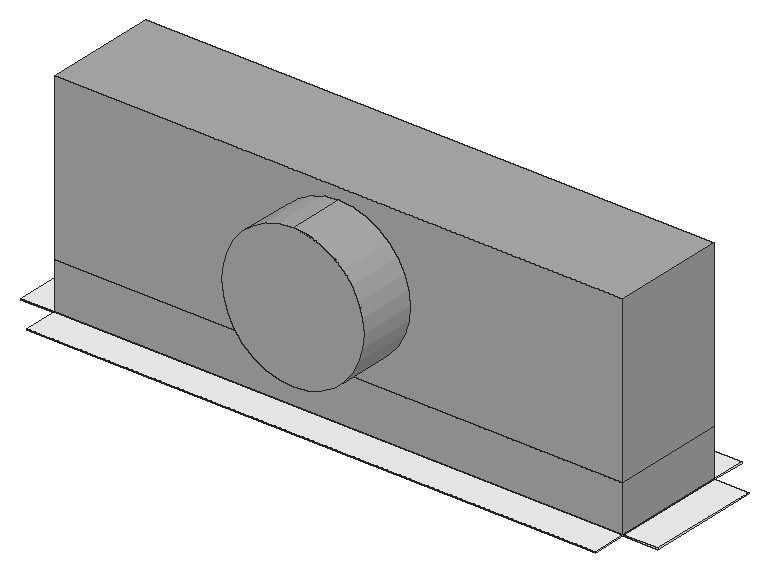
Revit family "Оптимум с адаптером (1 Подключение) Вытяжка", category Арматура воздуховодов, Revit 2022
Family settings
  Размер круглого соединителя = Использовать диаметр
  Тип детали = Вставляется
  На основе рабочей плоскости = Нет
  Всегда вертикально = Да
  При загрузке вырезать с полостями = Нет
  Общий = Нет
Parameters (values of type "Оптимум с адаптером")
  Ширина щели решетки [instance] = 10 mm
  Ширина решетки [instance] = 100 mm
  УГО приток = no
  УГО вытяжка = yes
  Скорость воздуха [instance] = ADSK_Расход воздуха / Площадь сечения решетки  # 0.0 m/s
  Площадь сечения решетки [instance] = Длина решетки * Ширина решетки - ((Длина решетки - 2 * Ширина щели решетки) * (Ширина решетки - 2 * Ширина щели решетки))  # 0.0116 m²
  Патрубок не по центру [instance] = no
  Патрубки_Сверху [instance] = no
  Отступ патрубка [instance] = 400 mm
  Отступ губ [instance] = if(Г_обр адаптер, 0 mm, (ADSK_Размер_Ширина - Ширина решетки) / 2)  # 0 mm
  ОтстПат [instance] = if(Патрубок не по центру, if(Отступ патрубка > (Длина решетки - 10 mm - Патрубки_Диаметр / 2), (Длина решетки - 10 mm - Патрубки_Диаметр / 2), if(Отступ патрубка < (10 mm + Патрубки_Диаметр / 2), (10 mm + Патрубки_Диаметр / 2), Отступ патрубка)), Длина решетки / 2)  # 250 mm
  Отметка по умолчанию = 0 mm
  Наименование решетки [instance] = "Вентиляционная решетка SCHIBERG ОПТИМУМ"  # constant formula
  Метка [instance] = ""
  Материал КСД = ADSK_Сталь оцинкованная
  Марка решетки [instance] = size_lookup("Мини", "M", "НЕ НАЙДЕН ТИПОРАЗМЕР", ADSK_Размер_Длина, Ширина решетки, Ширина щели решетки)  # "500x100-10"
  Количество патрубков [instance] = 1  # constant formula
  КСД_Угол [instance] = if(Патрубки_Сверху, 100.00°, 10.00°)  # 10.00°
  Патрубки_Длина = 50 mm
  КСД_Отступ [instance] = if(Патрубки_Сверху, 0.5 * ADSK_Размер_Высота, ADSK_Размер_Ширина / 2)  # 50 mm
  Патрубки_Диаметр [instance] = 125 mm
  Длина решетки [instance] = 500 mm
  Г_обр адаптер [instance] = no
  H [instance] = Высота губ + 2 mm  # 42 mm
  Высота губ [instance] = 40 mm
  ADSK_Расход воздуха [instance] = 0 m³/h
  ADSK_Размер_Ширина [instance] = if(Патрубки_Сверху, if(Патрубки_Диаметр = 75 mm, if(Патрубки_Диаметр + 25 mm > Ширина решетки, Патрубки_Диаметр + 25 mm, Ширина решетки), if(Патрубки_Диаметр = 90 mm, if(Патрубки_Диаметр + 30 mm > Ширина решетки, Патрубки_Диаметр + 30 mm, Ширина решетки), if(Патрубки_Диаметр + 20 mm > Ширина решетки, Патрубки_Диаметр + 20 mm, Ширина решетки))), Ширина решетки)  # 100 mm
  ADSK_Размер_Длина [instance] = Длина решетки  # 500 mm
  ADSK_Размер_Высота [instance] = if(Патрубки_Диаметр = 75 mm, Патрубки_Диаметр + 25 mm, if(Патрубки_Диаметр = 90 mm, Патрубки_Диаметр + 30 mm, Патрубки_Диаметр + 20 mm))  # 145 mm
  ADSK_Примечание [instance] = if(Высота губ = 40 mm, "", "Не типовая высота губ")  # ""
  ADSK_Потеря давления воздуха [instance] = 0.0 Pa
  ADSK_Позиция_Сортировка [instance] = 0
  ADSK_Позиция_Комплект [instance] = 0
  ADSK_Наименование краткое = "Адаптер с решеткой SCHIBERG"  # constant formula
  ADSK_Наименование [instance] = if(ADSK_Размер_Ширина = Ширина решетки, "Адаптер П-образный под решетку SCHIBERG", if(Г_обр адаптер, "Адаптер Г-образный под решетку SCHIBERG", "Адаптер Т-образный под решетку SCHIBERG"))  # "Адаптер П-образный под решетку SCHIBERG"
  ADSK_Материал = RGB_RAL 9003 (Белый сигнальный)
  ADSK_Марка [instance] = size_lookup("КСД для прямоугольных", "", "НЕ НАЙДЕН ТИПОРАЗМЕР", ADSK_Размер_Длина, Ширина решетки, Количество патрубков, Патрубки_Диаметр, КСД_Угол)  # "500х100 (сверху 1х125)"
  ADSK_Количество = 1  # constant formula
  ADSK_Код изделия = ""
  ADSK_Завод-изготовитель = "SCHIBERG"  # constant formula
  ADSK_Единица измерения = "шт."  # constant formula
  ADSK_Группирование [instance] = ""
  75+ [instance] = not([75])  # yes
  75 [instance] = or(Патрубки_Диаметр = 75 mm, Патрубки_Диаметр = 90 mm)  # no
Reference planes
  plane 1 "По центру (Вперед/Назад)": y = 0
  plane 2: z = 0
  plane 3 "По центру (Влево/Вправо)": x = 0
  plane 4: z = 42
  plane 5: y = 50
  plane 6: y = -50
  plane 7: x = -250
  plane 8: x = 250
  plane 9: z = 187
  plane 10: y = -50
  plane 11 "Патрубки": z = 114.5
  plane 12: x = 0
  plane 13: y = 50
  plane 14: y = 0
  plane 15: x = 0
Forms (mm)
  Extrusion 1, solid, material "ADSK_Сталь оцинкованная" <- "Материал КСД", detail levels medium+fine
    sketch origin (0, 0, 0) x (0, 1, 0) y (0, 0, 1)
      loop
        line (50, 42) -> (-50, 42) -> (-50, 1) -> (50, 1) -> (50, 42)
    from -250 to 250
  Extrusion 2, solid, material "ADSK_Сталь оцинкованная" <- "Материал КСД", detail levels medium+fine
    sketch origin (0, 0, 0) x (0, 1, 0) y (0, 0, 1)
      loop
        line (50, 187) -> (-50, 187) -> (-50, 42) -> (50, 42) -> (50, 187)
    from -250 to 250
Lines and regions (mm)
  symbolic lines, detail levels coarse+medium
    curve 1: line (-250, 108.5, 0) -> (250, 108.5, 0)
    curve 2: line (-250, -50, 0) -> (-250, 108.5, 0)
    curve 3: line (250, -50, 0) -> (-250, -50, 0)
    curve 4: line (250, 108.5, 0) -> (250, -50, 0)
  model lines, visible <- "УГО приток"
    curve 5: line (-200, 0, -69.985) -> (200, 0, -69.985)
    curve 6: line (-200, 0, -69.985) -> (0, 0, -185.455)
    curve 7: line (0, 0, -185.455) -> (200, 0, -69.985)
  model lines, visible <- "УГО вытяжка"
    curve 8: line (-200, 0, -185.455) -> (200, 0, -185.455)
    curve 9: line (0, 0, -69.985) -> (200, 0, -185.455)
    curve 10: line (0, 0, -69.985) -> (-200, 0, -185.455)
Dimensions and locks
  "H": plane 4 to level
  "Ширина решетки": plane 5 to plane 6
  equal spacing: plane 7, plane 3 "По центру (Влево/Вправо)", plane 8
  "ADSK_Размер_Длина": plane 7 to plane 8
  "ADSK_Размер_Высота": plane 9 to plane 4
  equal spacing: plane 9, plane 11 "Патрубки", plane 4
  "ADSK_Размер_Ширина": plane 13 to plane 10
  equal spacing: curve 5, plane 3 "По центру (Влево/Вправо)", curve 5
  locked: curve 5 to curve 5 at 400
  equal spacing: plane 13, plane 1 "По центру (Вперед/Назад)", plane 10
  "Отступ губ": plane 13 to plane 5
  locked: plane 2 to curve 5 at 69.985
  locked: level to curve 8 at 185.455
  equal spacing: curve 9, plane 3 "По центру (Влево/Вправо)", curve 10
  equal spacing: plane 5, plane 14, plane 6
  "ОтстПат": plane 7 to plane 15
  locked: curve 5 to curve 7 (angle 30.00°)
  locked: curve 6 to curve 5 (angle 30.00°)
  locked: curve 8 to curve 10 (angle 30.00°)
  locked: curve 9 to curve 8 (angle 30.00°)
  aligned and locked: level to plane 2
  aligned and locked: plane 4 to Extrusion 1 sketch curve
  aligned and locked: Extrusion 1 sketch curve to plane 5
  aligned and locked: Extrusion 1 sketch curve to plane 6
  aligned and locked: Extrusion 1 to plane 7
  aligned and locked: plane 8 to Extrusion 1
  aligned and locked: plane 10 to Extrusion 2 sketch curve
  aligned and locked: Extrusion 2 sketch curve to plane 9
  aligned and locked: Extrusion 2 sketch curve to plane 4
  aligned and locked: plane 8 to Extrusion 2
  aligned and locked: Extrusion 2 to plane 7
  aligned and locked: plane 11 "Патрубки" to nested 1
  aligned and locked: plane 7 to curve 2
  aligned and locked: curve 4 to plane 8
  aligned and locked: plane 10 to curve 3
  aligned and locked: Extrusion 2 to plane 13
  aligned and locked: plane 1 "По центру (Вперед/Назад)" to nested 1
  aligned and locked: plane 3 "По центру (Влево/Вправо)" to nested 2
  aligned and locked: nested 2 to level
  aligned and locked: nested 2 to plane 14
  aligned and locked: nested 1 to plane 15
Automatic sketch dimensions
  curve 1 to plane 5 = 58.5 mm
  Extrusion 1 sketch curve to plane 6 = 0 mm
  Extrusion 2 sketch curve to plane 5 = 0 mm
  level to Extrusion 1 sketch curve = 1 mm
Nested families
  nested 1: "Патрубки" at (0, 0, 114.5) x (0, -1, 0) z (0, 0, 1), ADSK_Материал <- "Материал КСД", D <- "Патрубки_Диаметр", L <- "Патрубки_Длина", S <- "КСД_Отступ", Угол <- "КСД_Угол", Видимость 1 <- "75+", Видимость 2 <- "75", type "Патрубки"
    with Угол 10.00°, Видимость 2 no, Видимость 1 yes, S 50 mm, L 50 mm, D 125 mm, ADSK_Материал ADSK_Сталь оцинкованная, ADSK_Количество 1
  nested 2: "Прямоугольная решетка" at (0, 0, 0) x (1, 0, 0) z (0, -1, 0), ADSK_Расход воздуха <- "ADSK_Расход воздуха", Скорость воздуха <- "Скорость воздуха", ADSK_Марка <- "Марка решетки", ADSK_Наименование <- "Наименование решетки", ADSK_Размер_Длина <- "Длина решетки", ADSK_Размер_Ширина <- "Ширина решетки", Ширина щели <- "Ширина щели решетки", Материал отделки <- "ADSK_Материал", ADSK_Обозначение <- "Метка", type "Решетка Schiberg"
    with Ширина щели 10 mm, Скорость воздуха 0.0 m/s, Материал отделки RGB_RAL 9003 (Белый сигнальный), ADSK_Расход воздуха 0 m³/h, ADSK_Размер_Ширина 100 mm, ADSK_Размер_Длина 500 mm, ADSK_Позиция "", ADSK_Обозначение "", ADSK_Наименование краткое "", ADSK_Наименование "Вентиляционная решетка SCHIBERG ОПТИМУМ", ADSK_Марка "500x100-10"
Connectors
  hvac at (0, -100, 114.5), driven by "Патрубки_Диаметр", driven by "ADSK_Расход воздуха", driven by "ADSK_Потеря давления воздуха"
    settings: on nested 1, index 1, duct flow 0 m³/h, flow factor 0, pres drop 0.0 Pa, loss coef 0, conn angle 0.00°, conn width 304.8 mm, conn height 304.8 mm, conn diameter 125 mm, duct sys type 3, conn prof type 0, flow config 1, flow direction 2, loss method 0, conn ref index -1, conn util no, is conn primary yes, conn desc ""
Definition of nested family "Патрубки"
  Parameters (values of type "Патрубки")
    Угол [instance] = 30.00°
    Default Elevation = 0 mm
    Видимость 2 [instance] = no
    Видимость 1 [instance] = yes
    S [instance] = 70 mm
    L [instance] = 50 mm
    D [instance] = 100 mm
    ADSK_Наименование = "Врезка в адаптер"
    ADSK_Материал [instance] = none
    ADSK_Количество [instance] = if(Видимость 1, 1, 0)  # 1
    ADSK_Единица измерения = "шт."  # constant formula
  Reference planes
    plane 1 "По центру (Вперед/Назад)": y = 0
    plane 2: z = 0
    plane 3 "По центру (Влево/Вправо)": x = 0
  Forms (mm)
    Sweep 1, solid, material <- "ADSK_Материал", visible <- "Видимость 1"
      path in 3D
        loop
          line (65.778, 0, 23.941) -> (112.763, 0, 41.042)
      profile origin (89.271, 0, 32.492) x (-0.34202, 0, 0.939693) y (0, -1, 0)
        loop
          circle (0, 0) r 50
  Lines and regions (mm)
    reference lines
      curve 1: line (0, 0, 0) -> (14.772, 0, -2.605)
      curve 2: line (0, 0, 0) -> (65.778, 0, 23.941)
      curve 3: line (65.778, 0, 23.941) -> (112.763, 0, 41.042)
    sketch lines
      curve 4: line (65.778, 0, 23.941) -> (112.763, 0, 41.042)
    model lines, detail levels coarse
      curve 5: line (0, 0, 0) -> (65.778, 0, 23.941)
      curve 6: line (65.778, 0, 23.941) -> (112.763, 0, 41.042)
  Dimensions and locks
    "S": curve 2 to curve 2
    "L": curve 3 to curve 3
    "S": curve 5 to curve 5
    "L": curve 6 to curve 6
    "D": diameter of Sweep 1 sketch curve
    locked: curve 1 to level (angle 10.00°)
    "Угол": angle curve 1 to curve 2
    "Угол": angle curve 1 to curve 3
    "Угол": angle curve 1 to curve 5
    "Угол": angle curve 1 to curve 6
    "Угол": angle curve 1 to nested 1
    aligned and locked: level to plane 2
    aligned and locked: plane 3 "По центру (Влево/Вправо)" to curve 1
    aligned and locked: level to curve 1
    aligned and locked: plane 3 "По центру (Влево/Вправо)" to curve 2
    aligned and locked: level to curve 2
    aligned and locked: plane 3 "По центру (Влево/Вправо)" to curve 5
    aligned and locked: level to curve 5
    aligned and locked: nested 1 to Sweep 1
  Automatic sketch dimensions
    Sweep 1 sketch curve to profile plane = 0 mm
    profile plane to Sweep 1 sketch curve = 0 mm
  Nested families
    nested 1: "Фланец DN75" at (54.032, 0, 19.666) x (0, 1, 0) z (0.342, 0, -0.9397), visible <- "Видимость 2", Типоразмер <- "D", type "Default 2"
      with Типоразмер 100 mm, Длина 75 mm, Двн врезки 35 mm, r3 100 mm, r2 40 mm, r1 35 mm, D90 no, D75 no, ADSK_Техническая характеристика "Ø75", ADSK_Марка "", ADSK_Количество 1, ADSK_Код изделия "", ADSK_Единица измерения "шт."
  Definition of nested family "Фланец DN75"
    Parameters (values of type "Фланец")
      б = 3.5 mm  # constant formula
      Толщина стенки = 1 mm  # constant formula
      Типоразмер [instance] = 75 mm
      Default Elevation = 0 mm
      Длина [instance] = 75 mm  # constant formula
      Двн врезки [instance] = if(D90, 45 mm, 35 mm)  # 35 mm
      Глубина врезки = 13.5 mm  # constant formula
      r3 [instance] = 100 mm  # constant formula
      r2 [instance] = Двн врезки + 5 mm  # 40 mm
      r1 [instance] = Двн врезки  # 35 mm
      D90 [instance] = if(Типоразмер = 90 mm, 1 = 1, 1 = 0)  # no
      D75 [instance] = if(Типоразмер = 75 mm, 1 = 1, 1 = 0)  # yes
      ADSK_Техническая характеристика [instance] = if(D90, "Ø90", "Ø75")  # "Ø75"
      ADSK_Наименование = "Фланец"  # constant formula
      ADSK_Марка [instance] = ""
      ADSK_Количество [instance] = 1  # constant formula
      ADSK_Код изделия [instance] = ""
      ADSK_Завод-изготовитель = "SCHIBERG"  # constant formula
      ADSK_Единица измерения [instance] = "шт."  # constant formula
    Reference planes
      plane 1 "По центру (Вперед/Назад)": y = 0
      plane 2: z = 0
      plane 3 "По центру (Влево/Вправо)": x = 0
      plane 4: x = -35
      plane 5: x = -38.5
      plane 6: y = -75
      plane 7: y = -13.5
    Forms (mm)
      Extrusion 1, solid
        sketch origin (0, 0, 0) x (1, 0, 0) y (0, 1, 0)
          loop
            line (1.764, -7.5) -> (24.182, -7.5)
            arc (24.182, -7.5) -> (24.76, -7.26) -> (25, -6.682) r 0.818
            line (25, -6.682) -> (25, -4.498)
            arc (25, -4.498) -> (24.923, -4.111) -> (24.704, -3.783) r 1.012
            line (24.704, -3.783) -> (21.251, -0.33)
            arc (21.251, -0.33) -> (20.885, -0.086) -> (20.454, 0) r 1.127
            line (20.454, 0) -> (-14.395, 0)
            arc (-14.395, 0) -> (-14.797, -0.08) -> (-15.139, -0.308) r 1.052
            line (-15.139, -0.308) -> (-24.68, -9.849)
            arc (-24.68, -9.849) -> (-24.917, -10.204) -> (-25, -10.623) r 1.094
            line (-25, -10.623) -> (-25, -12.137) -> (-22.993, -12.137) -> (-22.993, -11.028) -> (-2.639, -11.028)
            arc (-2.639, -11.028) -> (-2.23, -10.947) -> (-1.884, -10.715) r 1.068
            line (-1.884, -10.715) -> (1.026, -7.806)
            arc (1.026, -7.806) -> (1.365, -7.58) -> (1.764, -7.5) r 1.045
        from 20 to 70
      Extrusion 2, solid
        sketch origin (0, 0, 0) x (-0.5, 0, -0.866025) y (0, 1, 0)
          loop
            line (1.764, -7.5) -> (24.182, -7.5)
            arc (24.182, -7.5) -> (24.76, -7.26) -> (25, -6.682) r 0.818
            line (25, -6.682) -> (25, -4.498)
            arc (25, -4.498) -> (24.923, -4.111) -> (24.704, -3.783) r 1.012
            line (24.704, -3.783) -> (21.251, -0.33)
            arc (21.251, -0.33) -> (20.885, -0.086) -> (20.454, 0) r 1.127
            line (20.454, 0) -> (-14.395, 0)
            arc (-14.395, 0) -> (-14.797, -0.08) -> (-15.139, -0.308) r 1.052
            line (-15.139, -0.308) -> (-24.68, -9.849)
            arc (-24.68, -9.849) -> (-24.917, -10.204) -> (-25, -10.623) r 1.094
            line (-25, -10.623) -> (-25, -12.137) -> (-22.993, -12.137) -> (-22.993, -11.028) -> (-2.639, -11.028)
            arc (-2.639, -11.028) -> (-2.23, -10.947) -> (-1.884, -10.715) r 1.068
            line (-1.884, -10.715) -> (1.026, -7.806)
            arc (1.026, -7.806) -> (1.365, -7.58) -> (1.764, -7.5) r 1.045
        from 20 to 70
      Extrusion 3, solid
        sketch origin (0, 0, 0) x (-0.5, 0, 0.866025) y (0, 1, 0)
          loop
            line (1.764, -7.5) -> (24.182, -7.5)
            arc (24.182, -7.5) -> (24.76, -7.26) -> (25, -6.682) r 0.818
            line (25, -6.682) -> (25, -4.498)
            arc (25, -4.498) -> (24.923, -4.111) -> (24.704, -3.783) r 1.012
            line (24.704, -3.783) -> (21.251, -0.33)
            arc (21.251, -0.33) -> (20.885, -0.086) -> (20.454, 0) r 1.127
            line (20.454, 0) -> (-14.395, 0)
            arc (-14.395, 0) -> (-14.797, -0.08) -> (-15.139, -0.308) r 1.052
            line (-15.139, -0.308) -> (-24.68, -9.849)
            arc (-24.68, -9.849) -> (-24.917, -10.204) -> (-25, -10.623) r 1.094
            line (-25, -10.623) -> (-25, -12.137) -> (-22.993, -12.137) -> (-22.993, -11.028) -> (-2.639, -11.028)
            arc (-2.639, -11.028) -> (-2.23, -10.947) -> (-1.884, -10.715) r 1.068
            line (-1.884, -10.715) -> (1.026, -7.806)
            arc (1.026, -7.806) -> (1.365, -7.58) -> (1.764, -7.5) r 1.045
        from 20 to 70
      Extrusion 4, void
        sketch origin (0, 0, 0) x (1, 0, 0) y (0, 0, 1)
          loop
            circle (0, 0) r 35
        from 0 to 15
      Extrusion 5, void
        sketch origin (0, 0, 0) x (1, 0, 0) y (0, 0, 1)
          loop
            circle (0, 0) r 100
          loop
            circle (0, 0) r 40
        from 0 to 13
      Revolve 6, solid
        sketch origin (0, 0, 0) x (1, 0, 0) y (0, 1, 0)
          loop
            line (-44.5, -13.5) -> (-36, -13.5) -> (-36, -12.5) -> (-39.036, -9.464) -> (-39.743, -10.172) -> (-37.414, -12.5) -> (-44.5, -12.5) -> (-44.5, -13.5)
          axis (0, -9.464) -> (0, -13.5)
        angle from 0 to 360
      Revolve 7, solid
        sketch origin (0, 0, 0) x (1, 0, 0) y (0, 1, 0)
          loop
            line (-35, 0) -> (-36, 0) -> (-36, -13.5) -> (-44.225, -13.5) -> (-44.225, -14.5) -> (-39.5, -14.5) -> (-39.5, -57.532)
            arc (-39.5, -57.532) -> (-39.675, -60.208) -> (-40.199, -62.839) r 20.506
            line (-40.199, -62.839) -> (-43.457, -75) -> (-42.422, -75) -> (-39.319, -63.42)
            arc (-39.319, -63.42) -> (-38.706, -60.336) -> (-38.5, -57.198) r 24.042
            line (-38.5, -57.198) -> (-38.5, -14.5) -> (-35, -14.5) -> (-35, 0)
          axis (0, 0) -> (0, -75)
        angle from 0 to 360
    Cuts and joins
      Extrusion 4, Extrusion 5 cuts Extrusion 1
      Extrusion 4, Extrusion 5 cuts Extrusion 2
      Extrusion 4, Extrusion 5 cuts Extrusion 3
    Dimensions and locks
      "Двн врезки": plane 4 to plane 3 "По центру (Влево/Вправо)"
      "б": plane 5 to plane 4
      "Длина": plane 6 to plane 1 "По центру (Вперед/Назад)"
      "Глубина врезки": plane 7 to plane 1 "По центру (Вперед/Назад)"
      "Толщина стенки": Revolve 7 sketch curve to plane 4
      "Толщина стенки": plane 7 to Revolve 7 sketch curve
      "Толщина стенки": Revolve 7 sketch curve to plane 5
      "Толщина стенки": Revolve 7 sketch curve to Revolve 7 sketch curve
      "Толщина стенки": Revolve 6 sketch curve to plane 7
      "Толщина стенки": Revolve 6 sketch curve to plane 4
      locked: Revolve 6 sketch curve to plane 4 at 9.5
      "Толщина стенки": Revolve 6 sketch curve to Revolve 6 sketch curve  (x2)
      locked: Revolve 6 sketch curve to Revolve 6 sketch curve at 5
      "r1": radius of Extrusion 4 sketch curve
      "r2": radius of Extrusion 5 sketch curve
      "r3": radius of Extrusion 5 sketch curve
      locked: Revolve 7 sketch curve to plane 5 (angle 15.00°)
      locked: plane 4 to Revolve 6 sketch curve (angle 45.00°)
      aligned and locked: level to plane 2
      aligned and locked: Revolve 7 sketch curve to plane 4
      aligned and locked: Revolve 7 sketch curve to plane 5
      aligned and locked: Revolve 7 sketch curve to plane 1 "По центру (Вперед/Назад)"
      aligned and locked: plane 7 to Revolve 7 sketch curve
      aligned and locked: Revolve 7 sketch curve to plane 3 "По центру (Влево/Вправо)"
      aligned and locked: Revolve 7 sketch curve to plane 6
      aligned and locked: Revolve 6 sketch curve to plane 7
      aligned and locked: plane 3 "По центру (Влево/Вправо)" to Extrusion 4 sketch curve
      aligned and locked: plane 2 to Extrusion 4 sketch curve
      aligned and locked: plane 3 "По центру (Влево/Вправо)" to Extrusion 5 sketch curve  (x2)
      aligned and locked: plane 2 to Extrusion 5 sketch curve  (x2)
    Automatic sketch dimensions
      Revolve 6 sketch curve to plane 3 "По центру (Влево/Вправо)" = 0 mm
      Revolve 6 sketch curve to plane 6 = 1925 mm
      Revolve 6 sketch curve to plane 1 "По центру (Вперед/Назад)" = 2000 mm
      Revolve 7 sketch curve to plane 5 = 1.699 mm
      Revolve 7 sketch curve to Revolve 7 sketch curve = 2.223 mm
      Revolve 7 sketch curve to Revolve 7 sketch curve = 4.725 mm
      plane 6 to Revolve 7 sketch curve = 17.468 mm
      Revolve 7 sketch curve to Revolve 7 sketch curve = 2.536 mm
      Revolve 7 sketch curve to plane 5 = 0.819 mm
      Revolve 7 sketch curve to plane 7 = 1 mm
      plane 6 to Revolve 7 sketch curve = 24.441 mm
      Revolve 7 sketch curve to plane 1 "По центру (Вперед/Назад)" = 19.441 mm
Definition of nested family "Прямоугольная решетка"
  Parameters (values of type "Решетка Schiberg")
    Ширина щели [instance] = 10 mm
    Толщина листа = 1 mm
    Скорость воздуха [instance] = 1.02881 m/s
    Default Elevation = 0 mm
    Материал отделки [instance] = none
    ADSK_Расход воздуха [instance] = 80 m³/h
    ADSK_Размер_Ширина [instance] = 55 mm
    ADSK_Размер_Длина [instance] = 1000 mm
    ADSK_Примечание = ""
    ADSK_Позиция [instance] = ""
    ADSK_Обозначение [instance] = ""
    ADSK_Наименование краткое [instance] = ""
    ADSK_Наименование [instance] = "Вентиляционная решётка SCHIBERG ПРОФИ"
    ADSK_Марка [instance] = "350X100-10"
    ADSK_Количество = 1  # constant formula
    ADSK_Завод-изготовитель = "SCHIBERG"  # constant formula
    ADSK_Единица измерения = "шт."  # constant formula
  Reference planes
    plane 1 "По центру (Вперед/Назад)": y = 0
    plane 2: z = 0
    plane 3 "По центру (Влево/Вправо)": x = 0
    plane 4: z = -27.5
    plane 5: z = 27.5
    plane 6: z = 57.5
    plane 7: z = -57.5
    plane 8: z = -17.5
    plane 9: z = 17.5
    plane 10: x = -500
    plane 11: x = 500
    plane 12: x = 530
    plane 13: x = -530
    plane 14: x = -490
    plane 15: x = 490
    plane 16: y = 1
    plane 17: y = -1
  Forms (mm)
    Extrusion 1, solid, material <- "Материал отделки", detail levels medium+fine
      sketch origin (0, 0, 0) x (1, 0, 0) y (0, 0, 1)
        loop
          line (-490, 17.5) -> (-490, -17.5) -> (490, -17.5) -> (490, 17.5) -> (-490, 17.5)
      from -1 to 0
    Extrusion 2, solid, material <- "Материал отделки", detail levels medium+fine
      sketch origin (0, 0, 0) x (1, 0, 0) y (0, 0, 1)
        loop
          line (-500, 27.5) -> (500, 27.5) -> (500, 57.5) -> (-500, 57.5) -> (-500, 27.5)
      from 0 to -1
    Extrusion 3, solid, material <- "Материал отделки", detail levels medium+fine
      sketch origin (-100, 0, 0) x (0, 0, 1) y (-1, 0, 0)
        loop
          line (-27.5, 400) -> (27.5, 400) -> (27.5, 430) -> (-27.5, 430) -> (-27.5, 400)
      from 0 to -1
    Extrusion 4, solid, material <- "Материал отделки", detail levels medium+fine
      sketch origin (100, 0, 0) x (0, 0, 1) y (-1, 0, 0)
        loop
          line (-27.5, -400) -> (-27.5, -430) -> (27.5, -430) -> (27.5, -400) -> (-27.5, -400)
      from 0 to -1
    Extrusion 5, solid, material <- "Материал отделки", detail levels medium+fine
      sketch origin (0, 0, 0) x (1, 0, 0) y (0, 0, 1)
        loop
          line (-500, -27.5) -> (-500, -57.5) -> (500, -57.5) -> (500, -27.5) -> (-500, -27.5)
      from 0 to -1
    Extrusion 6, solid, detail levels medium+fine
      sketch origin (0, 0, 0) x (1, 0, 0) y (0, 0, 1)
        loop
          line (-490, 17.5) -> (-490, -17.5) -> (490, -17.5) -> (490, 17.5) -> (-490, 17.5)
        loop
          line (-500, 27.5) -> (-500, -27.5) -> (500, -27.5) -> (500, 27.5) -> (-500, 27.5)
      from 0 to -1
  Lines and regions (mm)
    model lines, detail levels coarse
      curve 1: line (-530, 0, 0) -> (530, 0, 0)
  Dimensions and locks
    equal spacing: plane 9, level, plane 8
    equal spacing: plane 5, level, plane 4
    "ADSK_Размер_Ширина": plane 5 to plane 4
    equal spacing: plane 6, level, plane 7
    locked: plane 6 to plane 5 at 30
    equal spacing: plane 15, plane 3 "По центру (Влево/Вправо)", plane 14
    equal spacing: plane 11, plane 3 "По центру (Влево/Вправо)", plane 10
    equal spacing: plane 12, plane 3 "По центру (Влево/Вправо)", plane 13
    locked: plane 10 to plane 13 at 30
    "ADSK_Размер_Длина": plane 11 to plane 10
    plane 12 to plane 11 = 30 mm
    "Ширина щели": plane 14 to plane 10
    "Ширина щели": plane 5 to plane 9
    aligned and locked: level to plane 2
    aligned and locked: plane 1 "По центру (Вперед/Назад)" to Extrusion 1
    aligned and locked: plane 9 to Extrusion 1
    aligned and locked: Extrusion 1 to plane 14
    aligned and locked: plane 15 to Extrusion 1
    aligned and locked: Extrusion 1 to plane 8
    aligned and locked: Extrusion 2 to plane 5
    aligned and locked: plane 6 to Extrusion 2
    aligned and locked: Extrusion 3 to plane 13
    aligned and locked: plane 10 to Extrusion 3
    aligned and locked: Extrusion 3 sketch curve to plane 4
    aligned and locked: plane 5 to Extrusion 3 sketch curve
    aligned and locked: plane 11 to Extrusion 2 sketch curve
    aligned and locked: plane 6 to Extrusion 2 sketch curve
    aligned and locked: Extrusion 2 sketch curve to plane 5
    aligned and locked: Extrusion 2 sketch curve to plane 10
    aligned and locked: Extrusion 4 sketch curve to plane 12
    aligned and locked: Extrusion 4 sketch curve to plane 5
    aligned and locked: plane 4 to Extrusion 4 sketch curve
    aligned and locked: plane 11 to Extrusion 4 sketch curve
    aligned and locked: plane 10 to Extrusion 5 sketch curve
    aligned and locked: Extrusion 5 sketch curve to plane 4
    aligned and locked: plane 7 to Extrusion 5 sketch curve
    aligned and locked: Extrusion 5 sketch curve to plane 11
    aligned and locked: plane 16 to Extrusion 3
    aligned and locked: Extrusion 2 to plane 16
    aligned and locked: Extrusion 5 to plane 16
    aligned and locked: Extrusion 4 to plane 16
    aligned and locked: Extrusion 6 sketch curve to plane 14
    aligned and locked: Extrusion 6 sketch curve to plane 9
    aligned and locked: Extrusion 6 sketch curve to plane 15
    aligned and locked: Extrusion 6 sketch curve to plane 8
    aligned and locked: Extrusion 6 sketch curve to plane 10
    aligned and locked: plane 5 to Extrusion 6 sketch curve
    aligned and locked: Extrusion 6 sketch curve to plane 11
    aligned and locked: Extrusion 6 sketch curve to plane 4
    aligned and locked: plane 1 "По центру (Вперед/Назад)" to Extrusion 2
    aligned and locked: plane 13 to curve 1
    aligned and locked: plane 1 "По центру (Вперед/Назад)" to curve 1
  Automatic sketch dimensions
    Extrusion 1 sketch curve to plane 8 = 0 mm
    Extrusion 1 sketch curve to plane 14 = 0 mm
    Extrusion 1 sketch curve to plane 15 = 0 mm
    Extrusion 1 sketch curve to plane 9 = 0 mm
    Extrusion 3 sketch curve to plane 10 = 0 mm
    Extrusion 3 sketch curve to plane 13 = 0 mm
    curve 1 to plane 12 = 0 mm
